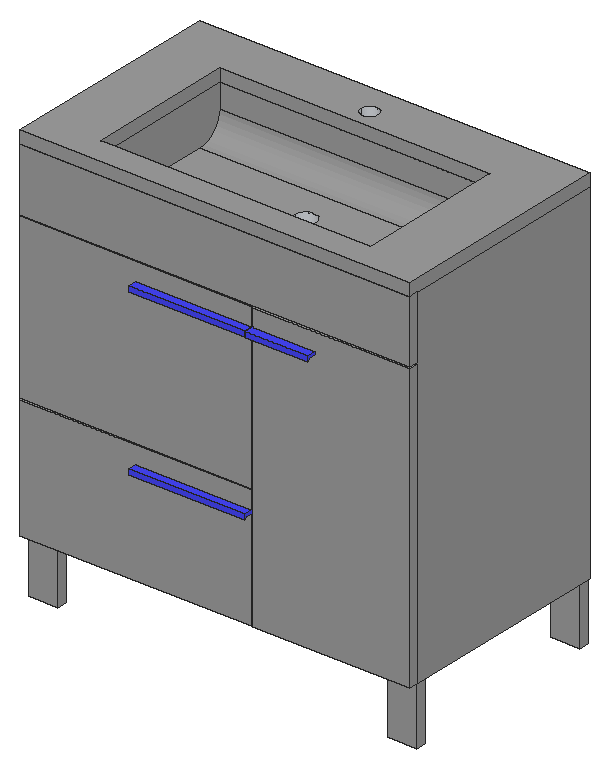
Revit family "MUEBLE GRACE 800", category Furniture, Revit 2019
Family settings
  OmniClass Number = 23.40.20.00
  OmniClass Title = General Furniture and Specialties
  Work Plane-Based = No
  Always vertical = Yes
  Cut with Voids When Loaded = No
  Shared = No
  Room Calculation Point = No
Reference planes
  plane 1 "Center (Front/Back)": y = 0
  plane 2: z = 0
  plane 3 "Center (Left/Right)": x = 0
Forms (mm)
  Extrusion 1, solid
    sketch origin (0, 0, 0) x (1, 0, 0) y (0, 1, 0)
      loop
        line (0, 18) -> (800, 18) -> (800, 460) -> (0, 460) -> (0, 18)
    from 0 to 720
  Extrusion 2, solid
    sketch origin (0, 0, 0) x (0, 1, 0) y (0, 0, 1)
      loop
        line (18, 720) -> (0, 720) -> (0, 590) -> (18, 590) -> (18, 720)
    from 0 to 800
  Extrusion 3, solid
    sketch origin (0, 0, 0) x (1, 0, 0) y (0, 0, 1)
      loop
        line (0, 587) -> (0, 253) -> (475, 253) -> (475, 587) -> (0, 587)
      loop
        line (0, 250) -> (0, 0) -> (475, 0) -> (475, 250) -> (0, 250)
      loop
        line (478, 587) -> (478, 0) -> (800, 0) -> (800, 587) -> (478, 587)
    from -18 to 0
  Extrusion 4, solid
    sketch origin (0, 0, 0) x (0, 1, 0) y (0, 0, 1)
      loop
        line (0, 550.5) -> (-18, 550.5) -> (-18, 539.5) -> (-17, 539.5) -> (-14, 543.5) -> (0, 543.5) -> (0, 550.5)
    from 238 to 475
  Extrusion 5, solid
    sketch origin (0, 0, 0) x (0, 1, 0) y (0, 0, 1)
      loop
        line (0, 550.5) -> (-18, 550.5) -> (-18, 539.5) -> (-17, 539.5) -> (-14, 543.5) -> (0, 543.5) -> (0, 550.5)
    from 478 to 604
  Extrusion 6, solid
    sketch origin (0, 0, -337) x (0, 1, 0) y (0, 0, 1)
      loop
        line (0, 550.5) -> (-18, 550.5) -> (-18, 539.5) -> (-17, 539.5) -> (-14, 543.5) -> (0, 543.5) -> (0, 550.5)
    from 238 to 475
  Extrusion 7, solid
    sketch origin (0, 0, 0) x (1, 0, 0) y (0, 1, 0)
      loop
        line (2, 20) -> (62, 20) -> (62, 40) -> (2, 40) -> (2, 20)
      loop
        line (2, 458) -> (2, 438) -> (62, 438) -> (62, 458) -> (2, 458)
      loop
        line (798, 458) -> (738, 458) -> (738, 438) -> (798, 438) -> (798, 458)
      loop
        line (798, 20) -> (798, 40) -> (738, 40) -> (738, 20) -> (798, 20)
    from -120 to 0
  Extrusion 8, solid
    sketch origin (0, 0, 0) x (0, 1, 0) y (0, 0, 1)
      loop
        line (460, 720) -> (460, 745) -> (0, 745) -> (0, 720) -> (460, 720)
    from 0 to 800
  Extrusion 9, void
    sketch origin (0, 0, 0) x (0, 1, 0) y (0, 0, 1)
      loop
        line (357.397, 745) -> (54, 745) -> (101.261, 648.929)
        arc (101.261, 648.929) -> (119.702, 628.553) -> (146.126, 621) r 50
        line (146.126, 621) -> (307.397, 621)
        arc (307.397, 621) -> (342.752, 635.645) -> (357.397, 671) r 50
        line (357.397, 671) -> (357.397, 745)
    from 123 to 677
  Extrusion 10, void
    sketch origin (0, 0, 0) x (1, 0, 0) y (0, 1, 0)
      loop
        circle (400, 396.5) r 17.5
    from 720 to 745
  Extrusion 11, void
    sketch origin (0, 0, 0) x (1, 0, 0) y (0, 1, 0)
      loop
        circle (400, 231.5) r 22
    from 539.5 to 621
Cuts and joins
  Extrusion 9, Extrusion 10, Extrusion 11 cuts Extrusion 1
  Extrusion 9, Extrusion 10 cuts Extrusion 8
Dimensions and locks
  aligned and locked: level to plane 2
